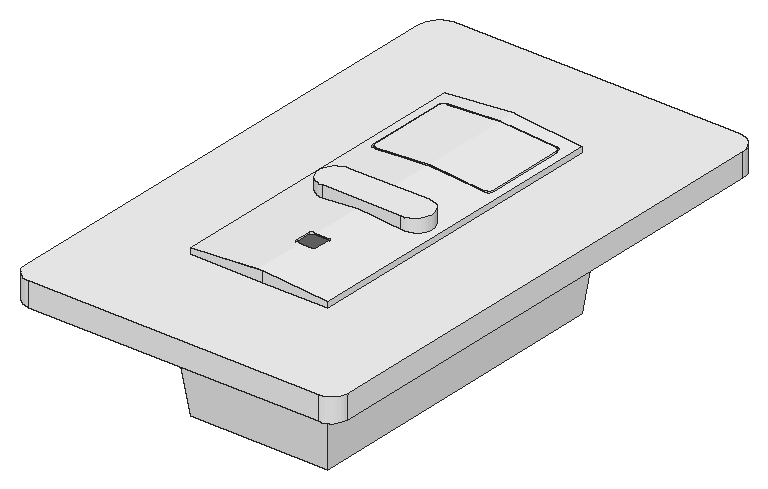
Revit family "LHIR", category Communication Devices, host Face, Revit 2014
Parameters (values of type "LHIRS1-N")
  Warranty = "5-Years Warranty"  # constant formula
  Type Comments = "LightHAWK®2 Passive Infrared Wall Switch Sensor\r"  # constant formula
  Standby Power = "120VAC: 0.1,277VAC: 0.1,347VAC: 0.4"  # constant formula
  Product Page URL = "https://www.hubbell.com/hubbellcontrolsolutions/en/Products/Lighting-Controls/Lighting-Controls-Sensors/Wallbox-Occupancy-Sensors/LightHAWK2-Passive-Infrared/p/220898"
  Product Documentation Link = "https://hubbellcdn.com/specsheet/1118A_LightHAWK2_PIR.pdf"
  URL = "https://www.hubbell.com/hubbellcontrolsolutions/en"
  Model = "Wall Switch Occupancy Sensors\r"  # constant formula
  Manufacturer = "Hubbell Control Solutions"  # constant formula
  Width = 2.75"
  Features = "Digital passive infrared (PIR) sensor\r\nIntelliDAPT self-adaptive technology—no manual adjustment required \r\nDual circuit has isolated relays \r\n Occupancy (auto-on) and Vacancy (manual-on) operating modes \r\n Available with or without Neutral \r\n 1,000 square-foot, 180° coverage area \r\nRhinoTuff™ vandal resistant lens \r\n 120/277VAC operation  \r\nNo minimum load requirement \r\n Zero Arc Point Switching \r\n Five-year limited warranty \r\n 120-277 Vac and 347 Vac models \r\n Low voltage device: 24 VDC\r\n"  # constant formula
  Black = Paint - Hubbell - Carbon Black
  Height = 4.50"
  White = Paint - Hubbell - Matte White
  Description = "The LightHAWK2 Passive Infrared Wall Switch Sensor uses passive\r\ninfrared (PIR) technology to detect motion. The most affordable of the\r\nmotion detecting technologies, this sensor type is ideal for detecting\r\nlarge motion in areas with an unobstructed view of the sensor. This\r\nsensor has a coverage area of up to 1,000 square feet and 180° of\r\ndetection."  # constant formula
  Default Elevation = 48.00"
  Create Date = "03/27/2019"  # constant formula
  Copyright = "Copyright © 2018 Hubbell Control Solutions"  # constant formula
  Contact Us = "https://www.hubbell.com/hubbellcontrolsolutions/en/contactUs"
  Assembly Code = "D5090"
  2 = no
  1 = yes
Types (13): name | 2 | 1
  (no name) | no | yes
  LHIRD0-24V | no | no
  LHIRD0-G | no | no
  LHIRD0-N | no | no
  LHIRD2-24V | yes | no
  LHIRD2-G | yes | no
  LHIRD2-N | yes | no
  LHIRS0-24V | no | no
  LHIRS0-G | no | no
  LHIRS0-N | no | no
  LHIRS1-24V | no | yes
  LHIRS1-G | no | yes
  LHIRS1-N | no | yes
Reference planes (in)
  plane 1 "Center (Front/Back)": y = 13.01342
  plane 2: z = 0
  plane 3 "Center (Left/Right)": x = 0
  plane 4: x = -1.375
  plane 5: x = 1.375
  plane 6: y = 15.26342
  plane 7: y = 10.76342
  plane 8: z = -1.35
  plane 9: z = 0.3
Forms (in)
  Extrusion 1, solid, material "Paint - Hubbell - Matte White" <- "White"
    sketch origin (0, 0, -0.5) x (1, 0, 0) y (0, 1, 0)
      loop
        arc (-1.17464, 15.26342) -> (-1.31632, 15.20473) -> (-1.375, 15.06306) r 0.20036
        line (-1.375, 15.06306) -> (-1.375, 10.91856)
        arc (-1.375, 10.91856) -> (-1.32956, 10.80886) -> (-1.21986, 10.76342) r 0.15514
        line (-1.21986, 10.76342) -> (1.23768, 10.76342)
        arc (1.23768, 10.76342) -> (1.33478, 10.80364) -> (1.375, 10.90074) r 0.13732
        line (1.375, 10.90074) -> (1.375, 15.08233)
        arc (1.375, 15.08233) -> (1.32196, 15.21038) -> (1.19391, 15.26342) r 0.18109
        line (1.19391, 15.26342) -> (-1.17464, 15.26342)
    from 0.6 to 0.4
  Extrusion 2, solid, material "Paint - Hubbell - Matte White" <- "White"
    sketch origin (0, 0, 0) x (1, 0, 0) y (0, 1, 0)
      loop
        line (-0.61252, 14.41205) -> (-0.61252, 11.71709) -> (0, 11.71709) -> (0.55202, 11.71709) -> (0.55202, 14.41205) -> (0, 14.41205) -> (-0.61252, 14.41205)
    from 0.23534 to 0.1
  Extrusion 3, solid, material "Paint - Hubbell - Matte White" <- "White", visible <- "2"
    sketch origin (0, -0.15625, -0.15625) x (1, 0, 0) y (0, 1, 0)
      loop
        arc (-0.36532, 13.31515) -> (-0.44943, 13.23104) -> (-0.36532, 13.14693) r 0.08411
        line (-0.36532, 13.14693) -> (0.36532, 13.14693)
        arc (0.36532, 13.14693) -> (0.44943, 13.23104) -> (0.36532, 13.31515) r 0.08411
        line (0.36532, 13.31515) -> (-0.36532, 13.31515)
    from 0.41734 to 0.3
  Extrusion 4, void
    sketch origin (0, 13.01342, -0.15625) x (1, 0, 0) y (0, 0, 1)
      loop
        line (-0.68234, 0.93634) -> (-0.68234, 0.33634)
        arc (-0.68234, 0.33634) -> (0.00087, 0.41153) -> (0.68408, 0.33634) r 3.14149
        line (0.68408, 0.33634) -> (0.68408, 0.93634) -> (-0.68234, 0.93634)
    from 0.45009 to -0.22916
  Extrusion 5, void
    sketch origin (0, 13.01342, 0) x (1, 0, 0) y (0, 0, 1)
      loop
        line (-0.80064, 0.50032) -> (-0.80064, 0.11093)
        arc (-0.80064, 0.11093) -> (-0.03604, 0.19217) -> (0.72866, 0.11196) r 3.66183
        line (0.72866, 0.11196) -> (0.72866, 0.50032) -> (-0.80064, 0.50032)
    from 1.29633 to -1.39863
  Extrusion 6, void
    sketch origin (0, 0, 0) x (1, 0, 0) y (0, 1, 0)
      loop
        arc (-0.05987, 12.32805) -> (-0.07481, 12.32186) -> (-0.081, 12.30692) r 0.02113
        line (-0.081, 12.30692) -> (-0.081, 12.17922)
        arc (-0.081, 12.17922) -> (-0.0748, 12.16425) -> (-0.05983, 12.15805) r 0.02118
        line (-0.05983, 12.15805) -> (0.07098, 12.15805)
        arc (0.07098, 12.15805) -> (0.08505, 12.16387) -> (0.09087, 12.17794) r 0.01989
        line (0.09087, 12.17794) -> (0.09087, 12.30681)
        arc (0.09087, 12.30681) -> (0.08465, 12.32183) -> (0.06964, 12.32805) r 0.02123
        line (0.06964, 12.32805) -> (-0.05987, 12.32805)
    from 0.2 to 0.18
  Extrusion 7, void
    sketch origin (0, 0, 0) x (1, 0, 0) y (0, 1, 0)
      loop
        arc (-0.4785, 14.26887) -> (-0.50959, 14.256) -> (-0.52247, 14.22491) r 0.04396
        line (-0.52247, 14.22491) -> (-0.52247, 13.56121)
        arc (-0.52247, 13.56121) -> (-0.51007, 13.53127) -> (-0.48013, 13.51887) r 0.04234
        line (-0.48013, 13.51887) -> (0.43515, 13.51887)
        arc (0.43515, 13.51887) -> (0.46512, 13.53128) -> (0.47753, 13.56125) r 0.04238
        line (0.47753, 13.56125) -> (0.47753, 14.22788)
        arc (0.47753, 14.22788) -> (0.46552, 14.25687) -> (0.43654, 14.26887) r 0.04099
        line (0.43654, 14.26887) -> (-0.4785, 14.26887)
      loop
        arc (-0.4785, 14.27887) -> (-0.51666, 14.26307) -> (-0.53247, 14.22491) r 0.05396
        line (-0.53247, 14.22491) -> (-0.53247, 13.56121)
        arc (-0.53247, 13.56121) -> (-0.51714, 13.5242) -> (-0.48013, 13.50887) r 0.05234
        line (-0.48013, 13.50887) -> (0.43515, 13.50887)
        arc (0.43515, 13.50887) -> (0.47219, 13.52421) -> (0.48753, 13.56125) r 0.05238
        line (0.48753, 13.56125) -> (0.48753, 14.22788)
        arc (0.48753, 14.22788) -> (0.4726, 14.26394) -> (0.43654, 14.27887) r 0.05099
        line (0.43654, 14.27887) -> (-0.4785, 14.27887)
    from 0.31907 to 0.14375
  Blend 8, solid, material "Paint - Hubbell - Matte White" <- "White"
    base sketch origin (0, 0, 0) x (1, 0, 0) y (0, 1, 0)
      loop
        line (-0.73509, 14.56519) -> (-0.73509, 11.56519) -> (0.66835, 11.56519) -> (0.66835, 14.56519) -> (-0.73509, 14.56519)
    top sketch origin (0, 0, 0) x (1, 0, 0) y (0, 1, 0)
      loop
        line (-0.61252, 14.41205) -> (-0.61252, 11.71709) -> (0.55202, 11.71709) -> (0.55202, 14.41205) -> (-0.61252, 14.41205)
    from 0 to -1.12608
  Extrusion 9, solid, material "Paint - Hubbell - Matte White" <- "White", visible <- "2"
    sketch origin (0, -0.48365, -0.15625) x (1, 0, 0) y (0, 1, 0)
      loop
        arc (-0.36532, 13.31515) -> (-0.44943, 13.23104) -> (-0.36532, 13.14693) r 0.08411
        line (-0.36532, 13.14693) -> (0.36532, 13.14693)
        arc (0.36532, 13.14693) -> (0.44943, 13.23104) -> (0.36532, 13.31515) r 0.08411
        line (0.36532, 13.31515) -> (-0.36532, 13.31515)
    from 0.41734 to 0.3
  Extrusion 10, solid, material "Paint - Hubbell - Matte White" <- "White", visible <- "1"
    sketch origin (0, -0.31805, -0.15625) x (1, 0, 0) y (0, 1, 0)
      loop
        arc (-0.33407, 13.37765) -> (-0.48068, 13.23104) -> (-0.33407, 13.08443) r 0.14661
        line (-0.33407, 13.08443) -> (0.33407, 13.08443)
        arc (0.33407, 13.08443) -> (0.48068, 13.23104) -> (0.33407, 13.37765) r 0.14661
        line (0.33407, 13.37765) -> (-0.33407, 13.37765)
    from 0.41734 to 0.3
Cuts and joins
  Extrusion 4 cuts Extrusion 3
  Extrusion 5, Extrusion 6 cuts Extrusion 1
  Extrusion 5, Extrusion 6, Extrusion 7 cuts Extrusion 2
  joined: Extrusion 1, Extrusion 2
  Extrusion 4 cuts Extrusion 9
Dimensions and locks (in)
  plane 2 to plane 8 = 1.35"
  "Width": plane 4 to plane 5
  equal spacing: plane 4, plane 3 "Center (Left/Right)", plane 5
  "Height": plane 7 to plane 6
  equal spacing: plane 7, plane 1 "Center (Front/Back)", plane 6
  plane 9 to plane 8 = 1.65"
  aligned and locked: plane 2 to host face
  aligned and locked: level to host face
Automatic sketch dimensions
  host sketch curve to host sketch curve = 96.00"  (x2)
  Extrusion 1 sketch curve to plane 4 = 0.00"
  plane 7 to Extrusion 1 sketch curve = 0.00"
  plane 6 to Extrusion 1 sketch curve = 0.00"
  Extrusion 1 sketch curve to plane 5 = 0.00"
  plane 4 to Extrusion 1 sketch curve = 0.15514"
  plane 4 to Extrusion 1 sketch curve = 0.20036"
  Extrusion 1 sketch curve to Extrusion 1 sketch curve = 0.18109"
  Extrusion 1 sketch curve to plane 5 = 0.13732"
  Extrusion 2 sketch curve to plane 3 "Center (Left/Right)" = 0.00"  (x2)
  Extrusion 2 sketch curve to plane 3 "Center (Left/Right)" = 0.61252"
  Extrusion 2 sketch curve to Extrusion 2 sketch curve = 0.55202"
  Extrusion 2 sketch curve to plane 7 = 0.95367"
  plane 6 to Extrusion 2 sketch curve = 0.85137"
  Extrusion 3 sketch curve to plane 1 "Center (Front/Back)" = 0.14548"
  Extrusion 3 sketch curve to plane 3 "Center (Left/Right)" = 0.36532"
  plane 1 "Center (Front/Back)" to Extrusion 3 sketch curve = 0.02274"
  plane 3 "Center (Left/Right)" to Extrusion 3 sketch curve = 0.36532"
  plane 9 to Extrusion 4 sketch curve = 0.11991"
  Extrusion 4 sketch curve to plane 3 "Center (Left/Right)" = 0.68234"
  plane 3 "Center (Left/Right)" to Extrusion 4 sketch curve = 0.00087"
  plane 3 "Center (Left/Right)" to Extrusion 4 sketch curve = 0.68408"
  plane 8 to Extrusion 4 sketch curve = 1.53622"
  Extrusion 4 sketch curve to plane 9 = 0.48009"
  Extrusion 4 sketch curve to Extrusion 4 sketch curve = 0.00"
  level to Extrusion 5 sketch curve = 0.11093"
  plane 4 to Extrusion 5 sketch curve = 0.57436"
  Extrusion 5 sketch curve to plane 3 "Center (Left/Right)" = 0.03357"
  level to Extrusion 5 sketch curve = 0.11196"
  plane 3 "Center (Left/Right)" to Extrusion 5 sketch curve = 0.72866"
  Extrusion 5 sketch curve to plane 9 = 0.20032"
  Extrusion 6 sketch curve to plane 3 "Center (Left/Right)" = 0.081"
  Extrusion 6 sketch curve to Extrusion 6 sketch curve = 0.02113"
  Extrusion 6 sketch curve to Extrusion 6 sketch curve = 0.02118"
  plane 3 "Center (Left/Right)" to Extrusion 6 sketch curve = 0.06964"
  plane 3 "Center (Left/Right)" to Extrusion 6 sketch curve = 0.07098"
  Extrusion 6 sketch curve to Extrusion 6 sketch curve = 0.01989"
  plane 1 "Center (Front/Back)" to Extrusion 6 sketch curve = 0.85537"
  Extrusion 6 sketch curve to Extrusion 6 sketch curve = 0.12887"
  Extrusion 7 sketch curve to Extrusion 7 sketch curve = 0.00"  (x8)
  Extrusion 7 sketch curve to plane 3 "Center (Left/Right)" = 0.53247"
  Extrusion 7 sketch curve to Extrusion 7 sketch curve = 0.01"
  Extrusion 7 sketch curve to Extrusion 7 sketch curve = 0.04234"
  Extrusion 7 sketch curve to Extrusion 7 sketch curve = 0.04396"
  plane 3 "Center (Left/Right)" to Extrusion 7 sketch curve = 0.43515"
  plane 3 "Center (Left/Right)" to Extrusion 7 sketch curve = 0.43654"
  Extrusion 7 sketch curve to Extrusion 7 sketch curve = 0.04238"
  Extrusion 7 sketch curve to plane 1 "Center (Front/Back)" = 0.49545"
  Extrusion 7 sketch curve to Extrusion 7 sketch curve = 0.66369"
  plane 4 to Blend 8 sketch curve = 0.63991"
  plane 3 "Center (Left/Right)" to Blend 8 sketch curve = 0.66835"
  Blend 8 sketch curve to plane 7 = 0.80177"
  plane 6 to Blend 8 sketch curve = 0.69823"
  Blend 8 sketch curve to plane 3 "Center (Left/Right)" = 0.61252"
  plane 3 "Center (Left/Right)" to Blend 8 sketch curve = 0.55202"
  Blend 8 sketch curve to plane 7 = 0.95367"
  plane 6 to Blend 8 sketch curve = 0.85137"
  plane 1 "Center (Front/Back)" to Extrusion 9 sketch curve = 0.18192"
  Extrusion 9 sketch curve to plane 3 "Center (Left/Right)" = 0.36532"
  plane 3 "Center (Left/Right)" to Extrusion 9 sketch curve = 0.36532"
  Extrusion 9 sketch curve to Extrusion 9 sketch curve = 0.08411"
  Extrusion 10 sketch curve to plane 1 "Center (Front/Back)" = 0.04618"
  Extrusion 10 sketch curve to plane 3 "Center (Left/Right)" = 0.33407"
  plane 1 "Center (Front/Back)" to Extrusion 10 sketch curve = 0.24704"
  plane 3 "Center (Left/Right)" to Extrusion 10 sketch curve = 0.33407"
Connectors (in)
  electrical at (0.00464, 13.0023, 0.1)
    settings: on cut or joined group of Extrusion 1, Extrusion 2, Extrusion 5, Extrusion 6, Extrusion 7, index 1, voltage 0 V, apparent load 0 VA, apparent load phase1 0 VA, apparent load phase2 0 VA, apparent load phase3 0 VA, power factor 1, load classification "Other", number of poles 1, system type 14, power factor state 1, is connector primary yes, connector utility no, sub classification motor no, connector description "Wall Switch Occupancy Sensors"
